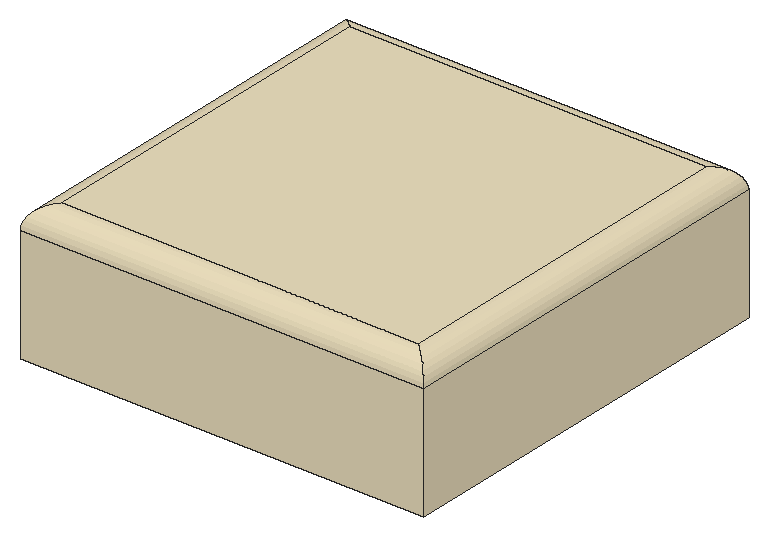
Revit family "Haworth_MangasSpace_Pouf_Plait", category Furniture, Revit 2018
Family settings
  OmniClass Number = 23.35.50.27.11.11
  OmniClass Title = Access Floors, Frames
  Work Plane-Based = No
  Always vertical = Yes
  Cut with Voids When Loaded = No
  Shared = No
  Room Calculation Point = No
Parameters (values of type "HCGN-MSFP - Plait Pouf")
  Warranty = "http://www.haworth.com/resources/product-info/warranties"
  URL - Product = "https://www.haworth.com/products/seating/lounge-sofas-benches/mangas-space"
  URL = "http://www.haworth.com/our-brands/haworth-collection"
  Seat Finish Outer [instance] = Haworth _ Wool _ Mangas Space _ Ivory Accent ZW-A01 - Pouf
  Seat Finish Inner = Haworth _ Wool _ Mangas Space
  Revision Number = "1"  # constant formula
  Note = "Verify Final Dimensions w/ Haworth"  # constant formula
  Model = "HCGN-MSFP"  # constant formula
  Manufacturer = "Haworth"  # constant formula
  Description = "Haworth - Mangas Space - Plait Pouf"
  Author = "Haworth (Alias)"  # constant formula
  Assembly Code = ""
  Actual Width = 35 1/2"  # constant formula
  Actual Height = 12"  # constant formula
  Actual Depth = 35 1/2"  # constant formula
Reference planes (in)
  plane 1: z = 0
  plane 2 "Left": x = -7.77344
  plane 3 "Right": x = 27.72656
  plane 4 "Back": y = 10.92187
  plane 5 "Front": y = -24.57813
  plane 6 "Center FB": y = -6.82813
  plane 7 "Center LR": x = 9.97656
  plane 8 "Top": z = 12
Forms (in)
  Extrusion 1, solid, material "Haworth _ Wool _ Mangas Space" <- "Seat Finish Inner"
    sketch origin (0, 0, 0) x (1, 0, 0) y (0, 1, 0)
      loop
        line (-5.54427, -22.42887) -> (25.49739, -22.42887) -> (25.49739, 8.80469) -> (-5.54427, 8.80469) -> (-5.54427, -22.42887)
    from 0 to 12
  Sweep 2, solid, material "Haworth _ Wool _ Mangas Space" <- "Seat Finish Inner"
    path origin (0, 0, 12) x (-1, 0, 0) y (0, -1, 0)
      loop
        line (-25.49739, -8.80469) -> (5.54427, -8.80469) -> (5.54427, 22.42887) -> (-25.49739, 22.42887) -> (-25.49739, -8.80469)
    profile origin (9.97656, 8.80469, 12) x (0, -1, 0) y (0, 0, 1)
      loop
        line (0, -12) -> (0, 0) -> (-0.11719, 0)
        arc (-0.11719, 0) -> (-1.5314, -0.58579) -> (-2.11719, -2) r 2
        line (-2.11719, -2) -> (-2.11719, -12) -> (0, -12)
Cuts and joins
  joined: Extrusion 1, Sweep 2
Lines and regions (in)
  Masking region 1
    outline origin (0, 0, 0) x (1, 0, 0) y (0, 1, 0)
      loop
        line (-7.77344, 10.92187) -> (-7.77344, -24.57813) -> (27.72656, -24.57813) -> (27.72656, 10.92187) -> (-7.77344, 10.92187)
Dimensions and locks (in)
  equal spacing: plane 4 "Back", plane 6 "Center FB", plane 5 "Front"
  "Actual Depth": plane 4 "Back" to plane 5 "Front"
  "Actual Width": plane 2 "Left" to plane 3 "Right"
  "Actual Height": plane 8 "Top" to plane 1
  equal spacing: plane 2 "Left", plane 7 "Center LR", plane 3 "Right"
  aligned and locked: Extrusion 1 to plane 1
  aligned and locked: plane 8 "Top" to Extrusion 1
  aligned and locked: Masking region 1 sketch curve to plane 4 "Back"
  aligned and locked: plane 3 "Right" to Masking region 1 sketch curve
  aligned and locked: plane 5 "Front" to Masking region 1 sketch curve
  aligned and locked: Masking region 1 sketch curve to plane 2 "Left"
Automatic sketch dimensions
  plane 2 "Left" to Sweep 2 sketch curve = 2.22917"
  Sweep 2 sketch curve to plane 5 "Front" = 2.14925"
  Sweep 2 sketch curve to plane 4 "Back" = 2 15/128"
  plane 3 "Right" to Sweep 2 sketch curve = 2.22917"
  plane 2 "Left" to Extrusion 1 sketch curve = 2.22917"
  plane 3 "Right" to Extrusion 1 sketch curve = 2.22917"
  Extrusion 1 sketch curve to plane 5 "Front" = 2.14925"
  Extrusion 1 sketch curve to plane 4 "Back" = 2 15/128"
  Sweep 2 sketch curve to plane 8 "Top" = 0"
  Sweep 2 sketch curve to profile plane = 0"
  profile plane to Sweep 2 sketch curve = 15/128"
  profile plane to Sweep 2 sketch curve = 2 15/128"
  Sweep 2 sketch curve to Sweep 2 sketch curve = 10"
